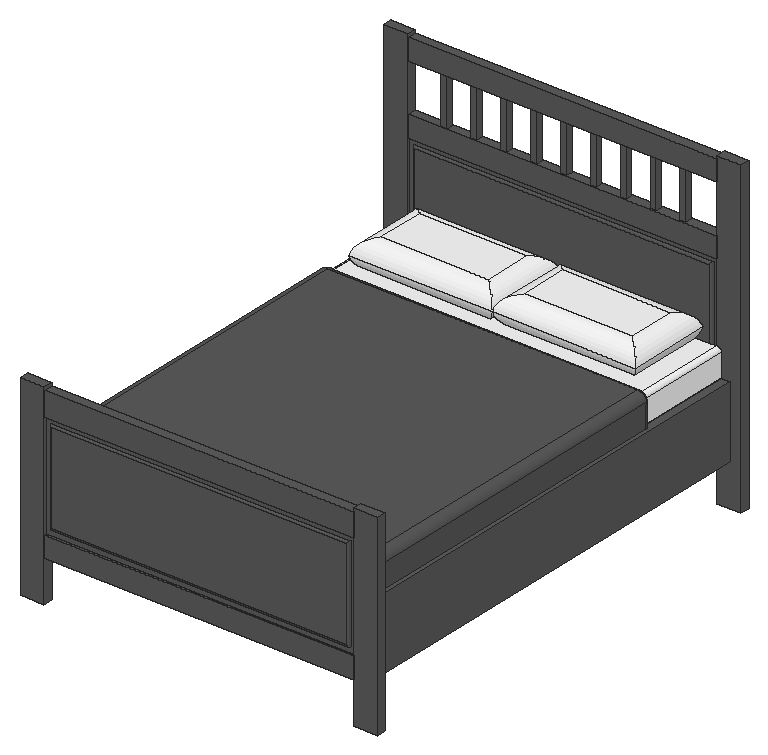
Revit family
Parameters (values of type "Full Size - Black/Brown Finish")
  Width = Mattress Width + 0' 3"  # 4' - 8"
  URL = "www.ikea.com"
  Sheet [instance] = Pillows - White
  Pillows [instance] = Pillows - White
  Pillow Width = 1' - 6"
  Pillow Spacing Width = 2' - 0"
  Pillow Spacing Length = 0' - 7 5/8"
  Pillow Length = 0' - 8"
  Model = "Hemnes"
  Mattress Width = 4' - 5"
  Mattress Length = 6' - 2 3/8"
  Mattress Height = 1' - 11 1/2"
  Mattress = Mattress
  Manufacturer = "Ikea"
  Length = Mattress Length + 0' 3"  # 6' - 5 3/8"
  Head Board Ballusters = 5
  Floor to Mattress Baseboard = Mattress Height - 1' 4 1/2"  # 0' - 7"
  Description = "Bed Frame"
  Cost = 179
  Comforter [instance] = Comforter - Black
  Bed Frame = Pine - Black/Brown
  Article Number = "398.497.75"
Types (7): name | Width | Pillow Width | Pillow Spacing Width | Pillow Spacing Length | Pillow Length | Mattress Width | Mattress Length | Length | Head Board Ballusters | Cost | Bed Frame | Article Number
  (no name) | 4' - 8" | 1' - 6" | 2' - 0" | 0' - 7 5/8" | 0' - 8" | 4' - 5" | 6' - 2 3/8" | 6' - 5 3/8" | 5 | 179 | Pine - Black/Brown | "398.497.75"
  Full Size - Black/Brown Finish | 4' - 8" | 1' - 6" | 2' - 0" | 0' - 7 5/8" | 0' - 8" | 4' - 5" | 6' - 2 3/8" | 6' - 5 3/8" | 5 | 179 | Pine - Black/Brown | "398.497.75"
  Full Size - White Finish | 4' - 8" | 1' - 6" | 2' - 0" | 0' - 7 5/8" | 0' - 8" | 4' - 5" | 6' - 2 3/8" | 6' - 5 3/8" | 5 | 249 | Pine - White | "898.497.87"
  Queen Size - Black/Brown | 5' - 3" | 2' - 0" | 2' - 6" | 0' - 10" | 1' - 2" | 5' - 0" | 6' - 7 7/8" | 6' - 10 7/8" | 6 | 199 | Pine - Black/Brown | "998.497.77"
  Queen Size - White | 5' - 3" | 2' - 0" | 2' - 6" | 0' - 10" | 1' - 2" | 5' - 0" | 6' - 7 7/8" | 6' - 10 7/8" | 6 | 279 | Pine - White | "198.497.95"
  King Size - Black/Brown | 6' - 10 1/2" | 2' - 6" | 3' - 0" | 0' - 10" | 1' - 2" | 6' - 7 1/2" | 6' - 7 7/8" | 6' - 10 7/8" | 8 | 249 | Pine - Black/Brown | "198.497.76"
  King Size - White | 6' - 10 1/2" | 2' - 6" | 3' - 0" | 0' - 10" | 1' - 2" | 6' - 7 1/2" | 6' - 7 7/8" | 6' - 10 7/8" | 8 | 329 | Pine - White | "698.497.93"
Reference planes (in)
  plane 1 "Center Front/Back": y = 0
  plane 2: z = 0
  plane 3 "Center Left/Right": x = 0
  plane 4: z = 19.53125
  plane 5: z = 10.59375
  plane 6: z = 31.5
  plane 7: x = 26.5
  plane 8: x = -26.5
  plane 9: y = 37.1875
  plane 10: y = -37.1875
  plane 11: x = 28
  plane 12: x = -28
  plane 13: y = 38.6875
  plane 14: y = -38.6875
  plane 15: x = -25.875
  plane 16: x = 25.875
  plane 17 "Mattress Baseboard": z = 7
  plane 18: y = -36.5625
  plane 19: y = 36.5625
  plane 20: x = -21
  plane 21: x = -3
  plane 22: x = -12
  plane 23: x = 21
  plane 24: x = 3
  plane 25: x = 12
  plane 26: y = 33.5625
  plane 27: y = 25.5625
  plane 28: y = 29.5625
Forms (in)
  Extrusion 1, solid, material "Pine - Black/Brown" <- "Bed Frame"
    sketch origin (0, 0, 0) x (1, 0, 0) y (0, 1, 0)
      loop
        line (-25.875, -37.1875) -> (-25.875, -38.6875) -> (25.875, -38.6875) -> (25.875, -37.1875) -> (-25.875, -37.1875)
    from 7 to 10.5
  Extrusion 2, solid, material "Pine - Black/Brown" <- "Bed Frame"
    sketch origin (0, 0, 0) x (1, 0, 0) y (0, 1, 0)
      loop
        line (-25.875, -37.5625) -> (-25.875, -38.3125) -> (25.875, -38.3125) -> (25.875, -37.5625) -> (-25.875, -37.5625)
    from 10.5 to 28.125
  Extrusion 3, solid, material "Pine - Black/Brown" <- "Bed Frame"
    sketch origin (0, 0, 28.125) x (1, 0, 0) y (0, 1, 0)
      loop
        line (-25.875, -37.1875) -> (-25.875, -38.6875) -> (25.875, -38.6875) -> (25.875, -37.1875) -> (-25.875, -37.1875)
    from 0 to 4
  Extrusion 4, solid, material "Pine - Black/Brown" <- "Bed Frame"
    sketch origin (0, 0, 0) x (1, 0, 0) y (0, 1, 0)
      loop
        line (-25.875, -37.1875) -> (-29.875, -37.1875) -> (-29.875, -38.6875) -> (-25.875, -38.6875) -> (-25.875, -37.1875)
    from 0 to 32.625
  Extrusion 5, solid, material "Pine - Black/Brown" <- "Bed Frame"
    sketch origin (0, 0, 0) x (1, 0, 0) y (0, 1, 0)
      loop
        line (25.875, -37.1875) -> (25.875, -38.6875) -> (29.875, -38.6875) -> (29.875, -37.1875) -> (25.875, -37.1875)
    from 0 to 32.625
  Extrusion 6, solid, material "Pine - Black/Brown" <- "Bed Frame"
    sketch origin (0, 0, 7) x (-1, 0, 0) y (0, -1, 0)
      loop
        line (-26.5, -37.1875) -> (-26.5, 37.1875) -> (-28, 37.1875) -> (-28, -37.1875) -> (-26.5, -37.1875)
    from 0 to 12
  Extrusion 7, solid, material "Pine - Black/Brown" <- "Bed Frame"
    sketch origin (0, 0, 7) x (-1, 0, 0) y (0, -1, 0)
      loop
        line (28, -37.1875) -> (28, 37.1875) -> (26.5, 37.1875) -> (26.5, -37.1875) -> (28, -37.1875)
    from 0 to 12
  Extrusion 8, solid, material "Pine - Black/Brown" <- "Bed Frame"
    sketch origin (0, 0, 7) x (-1, 0, 0) y (0, -1, 0)
      loop
        line (26.5, -37.1875) -> (26.5, 37.1875) -> (-26.5, 37.1875) -> (-26.5, -37.1875) -> (26.5, -37.1875)
    from 0 to 1.5
  Extrusion 9, solid, material "Pine - Black/Brown" <- "Bed Frame"
    sketch origin (0, 0, 0) x (1, 0, 0) y (0, 1, 0)
      loop
        line (-25.875, 38.6875) -> (-29.875, 38.6875) -> (-29.875, 37.1875) -> (-25.875, 37.1875) -> (-25.875, 38.6875)
    from 0 to 52.125
  Extrusion 10, solid, material "Pine - Black/Brown" <- "Bed Frame"
    sketch origin (0, 0, 0) x (1, 0, 0) y (0, 1, 0)
      loop
        line (25.875, 38.6875) -> (25.875, 37.1875) -> (29.875, 37.1875) -> (29.875, 38.6875) -> (25.875, 38.6875)
    from 0 to 52.125
  Extrusion 11, solid, material "Pine - Black/Brown" <- "Bed Frame"
    sketch origin (0, 0, 0) x (1, 0, 0) y (0, 1, 0)
      loop
        line (-25.875, 38.6875) -> (-25.875, 37.1875) -> (25.875, 37.1875) -> (25.875, 38.6875) -> (-25.875, 38.6875)
    from 7 to 10.5
  Extrusion 12, solid, material "Pine - Black/Brown" <- "Bed Frame"
    sketch origin (0, 0, 0) x (1, 0, 0) y (0, 1, 0)
      loop
        line (-25.875, 38.3125) -> (-25.875, 37.5625) -> (25.875, 37.5625) -> (25.875, 38.3125) -> (-25.875, 38.3125)
    from 10.5 to 36.625
  Extrusion 13, solid, material "Pine - Black/Brown" <- "Bed Frame"
    sketch origin (0, 0, 36.625) x (1, 0, 0) y (0, 1, 0)
      loop
        line (-25.875, 38.6875) -> (-25.875, 37.1875) -> (25.875, 37.1875) -> (25.875, 38.6875) -> (-25.875, 38.6875)
    from 0 to 3.5
  Extrusion 14, solid, material "Pine - Black/Brown" <- "Bed Frame"
    sketch origin (0, 0, 40.125) x (1, 0, 0) y (0, 1, 0)
      loop
        line (-25.875, 38.6875) -> (-25.875, 37.1875) -> (25.875, 37.1875) -> (25.875, 38.6875) -> (-25.875, 38.6875)
    from 8 to 11.5
  Extrusion 15, solid, material "Pine - Black/Brown" <- "Bed Frame"
    sketch origin (0, -0.03125, 40.125) x (1, 0, 0) y (0, 1, 0)
      loop
        line (-0.5, 38.46875) -> (-0.5, 37.46875) -> (0.5, 37.46875) -> (0.5, 38.46875) -> (-0.5, 38.46875)
    from 0 to 8
  Extrusion 16, solid, material "Pine - Black/Brown" <- "Bed Frame"
    sketch origin (5, -0.03125, 40.125) x (1, 0, 0) y (0, 1, 0)
      loop
        line (-0.5, 38.46875) -> (-0.5, 37.46875) -> (0.5, 37.46875) -> (0.5, 38.46875) -> (-0.5, 38.46875)
    from 0 to 8
  Extrusion 17, solid, material "Pine - Black/Brown" <- "Bed Frame"
    sketch origin (10, -0.03125, 40.125) x (1, 0, 0) y (0, 1, 0)
      loop
        line (-0.5, 38.46875) -> (-0.5, 37.46875) -> (0.5, 37.46875) -> (0.5, 38.46875) -> (-0.5, 38.46875)
    from 0 to 8
  Extrusion 18, solid, material "Pine - Black/Brown" <- "Bed Frame"
    sketch origin (15, -0.03125, 40.125) x (1, 0, 0) y (0, 1, 0)
      loop
        line (-0.5, 38.46875) -> (-0.5, 37.46875) -> (0.5, 37.46875) -> (0.5, 38.46875) -> (-0.5, 38.46875)
    from 0 to 8
  Extrusion 19, solid, material "Pine - Black/Brown" <- "Bed Frame"
    sketch origin (20, -0.03125, 40.125) x (1, 0, 0) y (0, 1, 0)
      loop
        line (-0.5, 38.46875) -> (-0.5, 37.46875) -> (0.5, 37.46875) -> (0.5, 38.46875) -> (-0.5, 38.46875)
    from 0 to 8
  Extrusion 20, solid, material "Pine - Black/Brown" <- "Bed Frame"
    sketch origin (-5, -0.03125, 40.125) x (1, 0, 0) y (0, 1, 0)
      loop
        line (-0.5, 38.46875) -> (-0.5, 37.46875) -> (0.5, 37.46875) -> (0.5, 38.46875) -> (-0.5, 38.46875)
    from 0 to 8
  Extrusion 21, solid, material "Pine - Black/Brown" <- "Bed Frame"
    sketch origin (-10, -0.03125, 40.125) x (1, 0, 0) y (0, 1, 0)
      loop
        line (-0.5, 38.46875) -> (-0.5, 37.46875) -> (0.5, 37.46875) -> (0.5, 38.46875) -> (-0.5, 38.46875)
    from 0 to 8
  Extrusion 22, solid, material "Pine - Black/Brown" <- "Bed Frame"
    sketch origin (-15, -0.03125, 40.125) x (1, 0, 0) y (0, 1, 0)
      loop
        line (-0.5, 38.46875) -> (-0.5, 37.46875) -> (0.5, 37.46875) -> (0.5, 38.46875) -> (-0.5, 38.46875)
    from 0 to 8
  Extrusion 23, solid, material "Pine - Black/Brown" <- "Bed Frame"
    sketch origin (-20, -0.03125, 40.125) x (1, 0, 0) y (0, 1, 0)
      loop
        line (-0.5, 38.46875) -> (-0.5, 37.46875) -> (0.5, 37.46875) -> (0.5, 38.46875) -> (-0.5, 38.46875)
    from 0 to 8
  Extrusion 24, solid, material "Mattress" <- "Mattress"
    sketch origin (0, 0, 8.5) x (-1, 0, 0) y (0, -1, 0)
      loop
        line (26.5, -37.1875) -> (26.5, 37.1875) -> (-26.5, 37.1875) -> (-26.5, -37.1875) -> (26.5, -37.1875)
    from 0 to 14.375
  Extrusion 25, solid, material "Pine - Black/Brown" <- "Bed Frame"
    sketch origin (25.875, -38.3125, 0) x (-1, 0, 0) y (0, 0, -1)
      loop
        line (50.5, -26.875) -> (50.5, -11.75) -> (1.25, -11.75) -> (1.25, -26.875) -> (50.5, -26.875)
    from 0 to 0.375
  Sweep 26, solid, material "Pine - Black/Brown" <- "Bed Frame"
    path origin (25.875, -38.6875, 0) x (-1, 0, 0) y (0, 0, -1)
      loop
        line (1.25, -26.875) -> (50.5, -26.875) -> (50.5, -11.75) -> (1.25, -11.75) -> (1.25, -26.875)
    profile origin (0, -38.6875, 26.875) x (0, 0, -1) y (0, -1, 0)
      loop
        arc (0, 0) -> (-0.26517, -0.10983) -> (-0.375, -0.375) r 0.375
        line (-0.375, -0.375) -> (0, -0.375) -> (0, 0)
  Extrusion 27, solid, material "Pine - Black/Brown" <- "Bed Frame"
    sketch origin (-25.875, -37.5625, 0) x (1, 0, 0) y (0, 0, -1)
      loop
        line (1.25, -26.875) -> (50.5, -26.875) -> (50.5, -11.75) -> (1.25, -11.75) -> (1.25, -26.875)
    from 0 to 0.375
  Sweep 28, solid, material "Pine - Black/Brown" <- "Bed Frame"
    path origin (-25.875, -37.1875, 0) x (1, 0, 0) y (0, 0, -1)
      loop
        line (1.25, -26.875) -> (50.5, -26.875) -> (50.5, -11.75) -> (1.25, -11.75) -> (1.25, -26.875)
    profile origin (0, -37.1875, 26.875) x (0, 0, -1) y (0, 1, 0)
      loop
        arc (0, 0) -> (-0.26517, -0.10983) -> (-0.375, -0.375) r 0.375
        line (-0.375, -0.375) -> (0, -0.375) -> (0, 0)
  Extrusion 29, solid, material "Mattress" <- "Mattress"
    sketch origin (0, 0, 22.875) x (-1, 0, 0) y (0, -1, 0)
      loop
        line (25.875, -36.5625) -> (25.875, 36.5625) -> (-25.875, 36.5625) -> (-25.875, -36.5625) -> (25.875, -36.5625)
    from 0 to 0.625
  Sweep 30, solid, material "Mattress" <- "Mattress"
    path origin (0, 0, 23.5) x (-1, 0, 0) y (0, -1, 0)
      loop
        line (25.875, -36.5625) -> (25.875, 36.5625) -> (-25.875, 36.5625) -> (-25.875, -36.5625) -> (25.875, -36.5625)
    profile origin (-25.875, 0, 23.5) x (1, 0, 0) y (0, 0, 1)
      loop
        arc (0, 0) -> (-0.44194, -0.18306) -> (-0.625, -0.625) r 0.625
        line (-0.625, -0.625) -> (0, -0.625) -> (0, 0)
  Extrusion 31, solid, material "Pine - Black/Brown" <- "Bed Frame"
    sketch origin (-25.875, 38.3125, 0) x (1, 0, 0) y (0, 0, -1)
      loop
        line (50.5, -11.75) -> (1.25, -11.75) -> (1.25, -35.375) -> (50.5, -35.375) -> (50.5, -11.75)
    from 0 to 0.375
  Sweep 32, solid, material "Pine - Black/Brown" <- "Bed Frame"
    path origin (-25.875, 38.6875, 0) x (1, 0, 0) y (0, 0, -1)
      loop
        line (1.25, -35.375) -> (50.5, -35.375) -> (50.5, -11.75) -> (1.25, -11.75) -> (1.25, -35.375)
    profile origin (0, 38.6875, 35.375) x (0, 0, -1) y (0, 1, 0)
      loop
        arc (0, 0) -> (-0.26517, -0.10983) -> (-0.375, -0.375) r 0.375
        line (-0.375, -0.375) -> (0, -0.375) -> (0, 0)
  Extrusion 33, solid, material "Pine - Black/Brown" <- "Bed Frame"
    sketch origin (25.875, 37.5625, 0) x (-1, 0, 0) y (0, 0, -1)
      loop
        line (1.25, -35.375) -> (50.5, -35.375) -> (50.5, -11.75) -> (1.25, -11.75) -> (1.25, -35.375)
    from 0 to 0.375
  Sweep 34, solid, material "Pine - Black/Brown" <- "Bed Frame"
    path origin (25.875, 37.1875, 0) x (-1, 0, 0) y (0, 0, -1)
      loop
        line (50.5, -35.375) -> (50.5, -11.75) -> (1.25, -11.75) -> (1.25, -35.375) -> (50.5, -35.375)
    profile origin (0, 37.1875, 35.375) x (0, 0, 1) y (0, -1, 0)
      loop
        line (0, 0) -> (0, -0.375) -> (0.375, -0.375)
        arc (0.375, -0.375) -> (0.26517, -0.10983) -> (0, 0) r 0.375
  Sweep 35, solid, material "Pillows - White" <- "Sheet"
    path origin (0, 0, 23.5) x (-1, 0, 0) y (0, -1, 0)
      loop
        line (0, -37.1875) -> (0, 37.1875)
    profile origin (0, 0, 23.5) x (1, 0, 0) y (0, 0, 1)
      loop
        arc (-26.5, -0.625) -> (-26.31694, -0.18306) -> (-25.875, 0) r 0.625
        line (-25.875, 0) -> (25.875, 0)
        arc (25.875, 0) -> (26.31694, -0.18306) -> (26.5, -0.625) r 0.625
        line (26.5, -0.625) -> (26.5, -4.5) -> (26.5625, -4.5) -> (26.5625, -0.625)
        arc (26.5625, -0.625) -> (26.36114, -0.13886) -> (25.875, 0.0625) r 0.6875
        line (25.875, 0.0625) -> (-25.875, 0.0625)
        arc (-25.875, 0.0625) -> (-26.36114, -0.13886) -> (-26.5625, -0.625) r 0.6875
        line (-26.5625, -0.625) -> (-26.5625, -4.5) -> (-26.5, -4.5) -> (-26.5, -0.625)
  Extrusion 36, solid, material "Pillows - White" <- "Pillows"
    sketch origin (0, 0, 23.5) x (-1, 0, 0) y (0, -1, 0)
      loop
        line (21, -33.5625) -> (21, -25.5625) -> (3, -25.5625) -> (3, -33.5625) -> (21, -33.5625)
    from 0 to 5
  Sweep 37, solid, material "Pillows - White" <- "Pillows"
    path origin (0, 0, 28.5) x (-1, 0, 0) y (0, -1, 0)
      loop
        line (3, -33.5625) -> (21, -33.5625) -> (21, -25.5625) -> (3, -25.5625) -> (3, -33.5625)
    profile origin (-12, 33.5625, 28.5) x (0, -1, 0) y (0, 0, 1)
      loop
        arc (0, 0) -> (-1.9472, -0.71336) -> (-3, -2.5) r 3.07816
        arc (-3, -2.5) -> (-1.9472, -4.28664) -> (0, -5) r 3.07816
        line (0, -5) -> (0, 0)
  Extrusion 38, solid, material "Pillows - White" <- "Pillows"
    sketch origin (0, 0, 23.5) x (-1, 0, 0) y (0, -1, 0)
      loop
        line (-3, -33.5625) -> (-3, -25.5625) -> (-21, -25.5625) -> (-21, -33.5625) -> (-3, -33.5625)
    from 0 to 5
  Sweep 39, solid, material "Pillows - White" <- "Pillows"
    path origin (26.5625, 0, 28.5) x (-1, 0, 0) y (0, -1, 0)
      loop
        line (5.5625, -25.5625) -> (5.5625, -33.5625) -> (23.5625, -33.5625) -> (23.5625, -25.5625) -> (5.5625, -25.5625)
    profile origin (21, 29.5625, 28.5) x (-1, 0, 0) y (0, 0, 1)
      loop
        arc (0, 0) -> (-1.9472, -0.71336) -> (-3, -2.5) r 3.07816
        arc (-3, -2.5) -> (-1.9472, -4.28664) -> (0, -5) r 3.07816
        line (0, -5) -> (0, 0)
  Sweep 40, solid, material "Comforter - Black" <- "Comforter"
    path origin (0, 0, 23.5) x (-1, 0, 0) y (0, -1, 0)
      loop
        line (0, -20.5625) -> (0, 37.1875)
    profile origin (0, -8.3125, 23.5) x (1, 0, 0) y (0, 0, 1)
      loop
        arc (25.875, 0.0625) -> (26.36114, -0.13886) -> (26.5625, -0.625) r 0.6875
        line (26.5625, -0.625) -> (26.5625, -4.5) -> (27.3125, -4.5) -> (27.3125, -0.625)
        arc (27.3125, -0.625) -> (26.89147, 0.39147) -> (25.875, 0.8125) r 1.4375
        line (25.875, 0.8125) -> (-25.875, 0.8125)
        arc (-25.875, 0.8125) -> (-26.89147, 0.39147) -> (-27.3125, -0.625) r 1.4375
        line (-27.3125, -0.625) -> (-27.3125, -4.5) -> (-26.5625, -4.5) -> (-26.5625, -0.625)
        arc (-26.5625, -0.625) -> (-26.36114, -0.13886) -> (-25.875, 0.0625) r 0.6875
        line (-25.875, 0.0625) -> (25.875, 0.0625)
  Sweep 41, solid, material "Comforter - Black" <- "Comforter"
    path origin (0, 20.5625, 23.5) x (-1, 0, 0) y (0, 0, 1)
      loop
        line (27.3125, -4.5) -> (27.3125, -0.625)
        arc (27.3125, -0.625) -> (26.89147, 0.39147) -> (25.875, 0.8125) r 1.4375
        line (25.875, 0.8125) -> (-25.875, 0.8125)
        arc (-25.875, 0.8125) -> (-26.89147, 0.39147) -> (-27.3125, -0.625) r 1.4375
        line (-27.3125, -0.625) -> (-27.3125, -4.5)
    profile origin (0, 20.5625, 24.3125) x (0, 0, -1) y (0, 1, 0)
      loop
        line (0, 0) -> (0.75, 0)
        arc (0.75, 0) -> (0.375, 0.375) -> (0, 0) r 0.375
Cuts and joins
  joined: Extrusion 25, Sweep 26
  joined: Extrusion 27, Sweep 28
  joined: Extrusion 24, Extrusion 29, Sweep 30
  joined: Extrusion 33, Sweep 34
  joined: Extrusion 31, Sweep 32
  joined: Extrusion 38, Sweep 39
  joined: Extrusion 36, Sweep 37
  joined: Sweep 40, Sweep 41
Dimensions and locks (in)
  equal spacing: plane 8, plane 3 "Center Left/Right", plane 7
  "Mattress Width": plane 8 to plane 7
  equal spacing: plane 9, plane 1 "Center Front/Back", plane 10
  "Mattress Length": plane 9 to plane 10
  equal spacing: plane 12, plane 3 "Center Left/Right", plane 11
  "Width": plane 12 to plane 11
  equal spacing: plane 13, plane 1 "Center Front/Back", plane 14
  "Length": plane 13 to plane 14
  Extrusion 4 sketch curve to plane 15 = 0' - 4"
  plane 16 to Extrusion 5 sketch curve = 0' - 4"
  locked: plane 8 to plane 15 at 0.625
  locked: plane 16 to plane 7 at 0.625
  plane 16 to Extrusion 10 sketch curve = 0' - 4"
  Extrusion 9 sketch curve to plane 15 = 0' - 4"
  equal spacing: group 1, group 2, group 3, group 4, group 5  (x3)
  equal spacing: group 9, group 8, group 7, group 6, group 1
  equal spacing: group 1, group 6, group 7, group 8, group 9  (x2)
  "Floor to Mattress Baseboard": plane 17 "Mattress Baseboard" to level
  Extrusion 24 to level = 1' - 10 7/8"
  Extrusion 25 sketch curve to plane 16 = 0' - 1 1/4"
  Extrusion 25 sketch curve to plane 15 = 0' - 1 1/4"
  locked: plane 9 to plane 19 at 0.625
  locked: plane 10 to plane 18 at 0.625
  locked: plane 13 to Extrusion 15 at 0.25
  locked: plane 13 to Extrusion 20 at 0.25
  locked: plane 13 to Extrusion 21 at 0.25
  locked: plane 13 to Extrusion 22 at 0.25
  locked: plane 13 to Extrusion 23 at 0.25
  locked: plane 13 to Extrusion 16 at 0.25
  locked: plane 13 to Extrusion 17 at 0.25
  locked: plane 13 to Extrusion 18 at 0.25
  locked: plane 13 to Extrusion 19 at 0.25
  Extrusion 12 sketch curve to plane 13 = 0' - 0 3/8"
  Extrusion 12 sketch curve to plane 9 = 0' - 0 3/8"
  Sweep 35 sketch curve to plane 14 = 0' - 1 1/2"
  Sweep 35 sketch curve to plane 13 = 0' - 1 1/2"
  plane 7 to Sweep 35 sketch curve = 0' - 0 1/16"
  plane 8 to Sweep 35 sketch curve = 0' - 0 1/16"
  Sweep 35 sketch curve to cut or joined group of Extrusion 24, Extrusion 29, Sweep 30 = 0' - 0 1/16"
  equal spacing: plane 20, plane 22, plane 21
  "Pillow Width": plane 20 to plane 21
  equal spacing: plane 24, plane 25, plane 23
  "Pillow Width": plane 24 to plane 23
  equal spacing: plane 22, plane 3 "Center Left/Right", plane 25
  "Pillow Spacing Width": plane 22 to plane 25
  equal spacing: plane 26, plane 28, plane 27
  "Pillow Length": plane 26 to plane 27
  "Pillow Spacing Length": plane 9 to plane 28
  Sweep 40 sketch curve to Sweep 39 = 0' - 2"
  Sweep 40 sketch curve to plane 10 = 0' - 0"
  plane 7 to Sweep 40 sketch curve = 0' - 0 13/16"
  Sweep 40 sketch curve to Sweep 35 = 0' - 0 3/4"
  plane 8 to Sweep 40 sketch curve = 0' - 0 13/16"
  aligned and locked: level to plane 2
  aligned and locked: Extrusion 6 sketch curve to plane 9
  aligned and locked: Extrusion 6 sketch curve to plane 7
  aligned and locked: Extrusion 6 sketch curve to plane 10
  aligned and locked: plane 11 to Extrusion 6 sketch curve
  aligned and locked: Extrusion 4 sketch curve to plane 10
  aligned and locked: plane 15 to Extrusion 4 sketch curve
  aligned and locked: plane 14 to Extrusion 4 sketch curve
  aligned and locked: Extrusion 3 sketch curve to plane 14
  aligned and locked: plane 16 to Extrusion 3 sketch curve
  aligned and locked: Extrusion 5 sketch curve to Extrusion 1  (x2)
  aligned and locked: Extrusion 5 sketch curve to plane 14
  aligned and locked: Extrusion 7 sketch curve to plane 9
  aligned and locked: plane 12 to Extrusion 7 sketch curve
  aligned and locked: Extrusion 7 sketch curve to plane 10
  aligned and locked: Extrusion 7 sketch curve to plane 8
  aligned and locked: Extrusion 8 sketch curve to Extrusion 7  (x2)
  aligned and locked: Extrusion 8 sketch curve to Extrusion 6  (x2)
  aligned and locked: plane 13 to Extrusion 9 sketch curve
  aligned and locked: plane 15 to Extrusion 9 sketch curve
  aligned and locked: Extrusion 9 sketch curve to plane 9
  aligned and locked: Extrusion 10 sketch curve to plane 13
  aligned and locked: Extrusion 10 sketch curve to plane 16
  aligned and locked: plane 9 to Extrusion 10 sketch curve
  aligned and locked: Extrusion 11 sketch curve to Extrusion 9  (x2)
  aligned and locked: Extrusion 11 sketch curve to Extrusion 10  (x2)
  aligned and locked: Extrusion 13 sketch curve to Extrusion 11  (x2)
  aligned and locked: Extrusion 13 sketch curve to Extrusion 9
  aligned and locked: Extrusion 13 sketch curve to Extrusion 10
  aligned and locked: Extrusion 14 sketch curve to Extrusion 11  (x2)
  aligned and locked: Extrusion 14 sketch curve to Extrusion 9
  aligned and locked: Extrusion 14 sketch curve to Extrusion 10
  aligned and locked: Extrusion 24 sketch curve to Extrusion 8  (x2)
  aligned and locked: Extrusion 24 sketch curve to Extrusion 7
  aligned and locked: Extrusion 24 sketch curve to Extrusion 6
  aligned and locked: plane 15 to Extrusion 2 sketch curve
  aligned and locked: plane 16 to Extrusion 2 sketch curve
  aligned and locked: Sweep 26 sketch curve to Extrusion 25  (x4)
  aligned and locked: Extrusion 27 sketch curve to cut or joined group of Extrusion 25, Sweep 26  (x4)
  aligned and locked: Sweep 28 sketch curve to Extrusion 27  (x4)
  aligned and locked: Extrusion 29 sketch curve to plane 19
  aligned and locked: plane 15 to Extrusion 29 sketch curve
  aligned and locked: Extrusion 29 sketch curve to plane 18
  aligned and locked: plane 16 to Extrusion 29 sketch curve
  aligned and locked: Sweep 30 sketch curve to Extrusion 29  (x4)
  aligned and locked: plane 15 to Extrusion 12 sketch curve
  aligned and locked: plane 16 to Extrusion 12 sketch curve
  aligned and locked: Extrusion 31 sketch curve to cut or joined group of Extrusion 25, Sweep 26  (x3)
  aligned and locked: Sweep 32 sketch curve to Extrusion 31  (x4)
  aligned and locked: Extrusion 33 sketch curve to Extrusion 31  (x4)
  aligned and locked: Sweep 34 sketch curve to Sweep 32  (x4)
  aligned and locked: Sweep 35 sketch curve to Extrusion 7  (x2)
  aligned and locked: cut or joined group of Extrusion 24, Extrusion 29, Sweep 30 to Sweep 35 sketch curve
  aligned and locked: Sweep 35 sketch curve to cut or joined group of Extrusion 24, Extrusion 29, Sweep 30
  aligned and locked: Extrusion 6 to Sweep 35 sketch curve
  aligned and locked: Extrusion 36 sketch curve to plane 26
  aligned and locked: Extrusion 36 sketch curve to plane 20
  aligned and locked: plane 27 to Extrusion 36 sketch curve
  aligned and locked: plane 21 to Extrusion 36 sketch curve
  aligned and locked: Sweep 37 sketch curve to Extrusion 36  (x4)
  aligned and locked: Extrusion 38 sketch curve to plane 26
  aligned and locked: plane 24 to Extrusion 38 sketch curve
  aligned and locked: plane 27 to Extrusion 38 sketch curve
  aligned and locked: Extrusion 38 sketch curve to plane 23
  aligned and locked: Sweep 39 sketch curve to Extrusion 38  (x4)
  aligned and locked: Sweep 40 sketch curve to plane 3 "Center Left/Right"
  aligned and locked: Extrusion 7 to Sweep 40 sketch curve
  aligned and locked: Sweep 40 sketch curve to Sweep 35  (x3)
  aligned and locked: Extrusion 6 to Sweep 40 sketch curve
  aligned and locked: Sweep 41 sketch curve to Sweep 40  (x3)
Automatic sketch dimensions
  Extrusion 15 sketch curve to Extrusion 15 sketch curve = 0' - 1"  (x2)
  Extrusion 16 sketch curve to Extrusion 16 sketch curve = 0' - 1"  (x2)
  Extrusion 17 sketch curve to Extrusion 17 sketch curve = 0' - 1"  (x2)
  Extrusion 18 sketch curve to Extrusion 18 sketch curve = 0' - 1"  (x2)
  Extrusion 19 sketch curve to Extrusion 19 sketch curve = 0' - 1"  (x2)
  Extrusion 20 sketch curve to Extrusion 20 sketch curve = 0' - 1"  (x2)
  Extrusion 21 sketch curve to Extrusion 21 sketch curve = 0' - 1"  (x2)
  Extrusion 22 sketch curve to Extrusion 22 sketch curve = 0' - 1"  (x2)
  Extrusion 23 sketch curve to Extrusion 23 sketch curve = 0' - 1"  (x2)
  plane 14 to Extrusion 1 sketch curve = 0' - 0"
  Extrusion 1 sketch curve to plane 15 = 0' - 0"
  Extrusion 1 sketch curve to plane 16 = 0' - 0"
  plane 10 to Extrusion 1 sketch curve = 0' - 0"
  Extrusion 2 sketch curve to plane 14 = 0' - 0 3/8"
  plane 10 to Extrusion 2 sketch curve = 0' - 0 3/8"
  Extrusion 3 sketch curve to Extrusion 2 = 0' - 0"
  Extrusion 2 to Extrusion 3 sketch curve = 0' - 0 3/8"
  Extrusion 2 to Extrusion 25 sketch curve = 0' - 1 1/4"  (x2)
  Sweep 26 sketch curve to profile plane = 0' - 0"  (x2)
  Sweep 26 sketch curve to Sweep 26 sketch curve = 0' - 0 3/8"
  Sweep 28 sketch curve to profile plane = 0' - 0"  (x2)
  Sweep 28 sketch curve to Sweep 28 sketch curve = 0' - 0 3/8"
  profile plane to Sweep 30 sketch curve = 0' - 0"
  Sweep 30 sketch curve to profile plane = 0' - 0"
  Sweep 30 sketch curve to Sweep 30 sketch curve = 0' - 0 5/8"
  Extrusion 12 to Extrusion 31 sketch curve = 0' - 1 1/4"
  Sweep 32 sketch curve to profile plane = 0' - 0"  (x2)
  Sweep 32 sketch curve to Sweep 32 sketch curve = 0' - 0 3/8"
  profile plane to Sweep 34 sketch curve = 0' - 0"
  Sweep 34 sketch curve to profile plane = 0' - 0"
  Sweep 34 sketch curve to Sweep 34 sketch curve = 0' - 0 3/8"
  Sweep 35 sketch curve to Extrusion 29 = 2' - 1 7/8"
  Sweep 35 sketch curve to Sweep 35 sketch curve = 0' - 0"  (x4)
  Sweep 35 sketch curve to Sweep 35 sketch curve = 0' - 0 5/8"  (x2)
  Sweep 37 sketch curve to profile plane = 0' - 0"  (x2)
  profile plane to Sweep 37 sketch curve = 0' - 3"
  Sweep 37 sketch curve to profile plane = 0' - 0.02339"  (x2)
  Sweep 37 sketch curve to profile plane = 0' - 1.92193"
  Sweep 37 sketch curve to profile plane = 0' - 2 1/2"
  Sweep 39 sketch curve to profile plane = 0' - 0"  (x2)
  profile plane to Sweep 39 sketch curve = 0' - 3"
  Sweep 39 sketch curve to profile plane = 0' - 0.02339"  (x2)
  Sweep 39 sketch curve to profile plane = 0' - 1.92193"
  Sweep 39 sketch curve to profile plane = 0' - 2 1/2"
  Sweep 40 sketch curve to Sweep 40 sketch curve = 0' - 0"  (x2)
  Sweep 41 sketch curve to Sweep 40 = 0' - 0"  (x2)
  Sweep 41 sketch curve to profile plane = 0' - 0"  (x2)
  Sweep 41 sketch curve to profile plane = 0' - 0 3/8"
